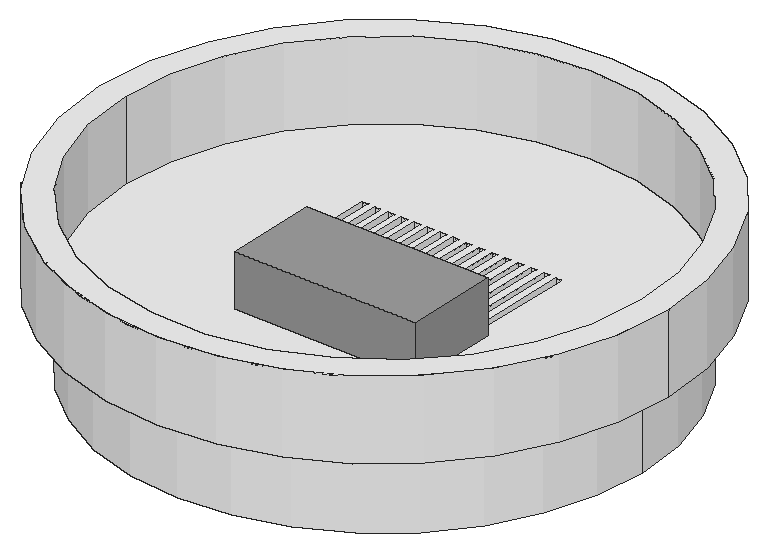
Revit family "Smoke-Detector", category Electrical Fixtures, host Ceiling, Revit 2026
Family settings
  Host = Ceiling
  Round Connector Dimension = Use Diameter
  Part Type = Normal
  Classification Number = 23.85.30.21.11.11.11
  Always vertical = Yes
  Cut with Voids When Loaded = No
  Maintain Annotation Orientation = No
  Shared = No
  Room Calculation Point = No
Parameters
  Warranty Duration (Years) = 10
  Voltage = 120
  URL = "http://www.arcat.com/"
  UL 218 Compliant = yes
  Type Comments = ""
  Keynote = "13850"
  Description = "Hard Wired Smoke Alarm "
  Depth = 0' - 1 1/2"
  Test Data = ""
  Specification = "http://www.arcat.com/divs/sec/sec13850.shtml"
  Sales Information = ""
  Product Properties = "http://www.arcat.com/bim/bim_info.pl?fn=Smoke-Detector"
  Product Data = "http://www.arcat.com/divs/sec/sec13850.shtml"
  Model = "Generic"  # constant formula
  Manufacturer Website = "http://www.arcat.com/"
  Manufacturer Phone - Toll Free = ""
  Manufacturer Phone = "(203) 929-9444"  # constant formula
  Manufacturer Fax = "(203) 929-2444"  # constant formula
  Manufacturer Email = "bim@arcat.com"  # constant formula
  Manufacturer Address = "1077 Bridgeport Ave, Shelton, CT  06484"  # constant formula
  Manufacturer = "Generic"  # constant formula
  Maintenance Schedule (Months) = 6
  Diameter = 0' - 5"
  Installation-Fabrication = ""
  Installation Phase = ""
  Green Building-LEED = "http://www.arcat.com/green/green_building.shtml"
  Expected Lifespan (Years) = 10
  Drawn By = "Robert S. Weygant. CSI, CDT, SCIP"  # constant formula
  Default Elevation = 0' - 0"
  Cost = 0
  Copyright = "2008, ARCAT, Inc."  # constant formula
  Construction Details = "http://www.arcat.com/divs/sec/sec13850.shtml"
  Case Material = ARCAT - Plastic, ABS - White
  Building Codes = ""
  Battery Type = "9V"
  Assembly Code = "D4030"
  Alarm Volume (dB) = 80
Reference planes (in)
  plane 1 "Center (Front/Back)": y = 0
  plane 2 "Ceiling": z = 96
  plane 3 "Center (Left/Right)": x = 0
  plane 4: z = 94.5
  plane 5: x = 2.5
  plane 6: x = -2.5
  plane 7 "Connection Level": z = 95.23884
Forms (in)
  Extrusion 1, solid, material "ARCAT - Plastic, ABS - White" <- "Case Material"
    sketch origin (0, 0, 96) x (1, 0, 0) y (0, 1, 0)
      loop
        circle (0, 0) r 2.5
      loop
        line (0, 0.90532) -> (-0.0625, 0.90532) -> (-0.0625, 0) -> (0, 0) -> (0, 0.90532)
      loop
        line (-0.125, 0.90532) -> (-0.1875, 0.90532) -> (-0.1875, 0) -> (-0.125, 0) -> (-0.125, 0.90532)
      loop
        line (-0.25, 0.90532) -> (-0.3125, 0.90532) -> (-0.3125, 0) -> (-0.25, 0) -> (-0.25, 0.90532)
      loop
        line (-0.375, 0.90532) -> (-0.4375, 0.90532) -> (-0.4375, 0) -> (-0.375, 0) -> (-0.375, 0.90532)
      loop
        line (-0.5, 0.90532) -> (-0.5625, 0.90532) -> (-0.5625, 0) -> (-0.5, 0) -> (-0.5, 0.90532)
      loop
        line (-0.625, 0.90532) -> (-0.6875, 0.90532) -> (-0.6875, 0) -> (-0.625, 0) -> (-0.625, 0.90532)
      loop
        line (-0.75, 0.90532) -> (-0.8125, 0.90532) -> (-0.8125, 0) -> (-0.75, 0) -> (-0.75, 0.90532)
      loop
        line (-0.875, 0.90532) -> (-0.9375, 0.90532) -> (-0.9375, 0) -> (-0.875, 0) -> (-0.875, 0.90532)
      loop
        line (0.75, 0.90532) -> (0.6875, 0.90532) -> (0.6875, 0) -> (0.75, 0) -> (0.75, 0.90532)
      loop
        line (0.625, 0.90532) -> (0.5625, 0.90532) -> (0.5625, 0) -> (0.625, 0) -> (0.625, 0.90532)
      loop
        line (0.5, 0.90532) -> (0.4375, 0.90532) -> (0.4375, 0) -> (0.5, 0) -> (0.5, 0.90532)
      loop
        line (0.375, 0.90532) -> (0.3125, 0.90532) -> (0.3125, 0) -> (0.375, 0) -> (0.375, 0.90532)
      loop
        line (0.25, 0.90532) -> (0.1875, 0.90532) -> (0.1875, 0) -> (0.25, 0) -> (0.25, 0.90532)
      loop
        line (0.125, 0.90532) -> (0.0625, 0.90532) -> (0.0625, 0) -> (0.125, 0) -> (0.125, 0.90532)
      loop
        line (1, 0.90532) -> (0.9375, 0.90532) -> (0.9375, 0) -> (1, 0) -> (1, 0.90532)
      loop
        line (0.875, 0.90532) -> (0.8125, 0.90532) -> (0.8125, 0) -> (0.875, 0) -> (0.875, 0.90532)
    from -1.5 to -0.76116
  Extrusion 2, solid, material "ARCAT - Plastic, ABS - Red"
    sketch origin (0.96735, -2.0523, 96) x (1, 0, 0) y (0, 1, 0)
      loop
        circle (0.55599, 1.60966) r 0.25
    from -1.5 to -1.67594
  Extrusion 3, solid, material "ARCAT - Plastic, Polycarbonate, Translucent Green"
    sketch origin (0.36813, -0.92073, 96) x (1, 0, 0) y (0, 1, 0)
      loop
        circle (-0.35601, -0.51509) r 0.10262
    from -1.5 to -1.67594
  Extrusion 4, solid, material "ARCAT - Plastic, Polycarbonate, Translucent Red"
    sketch origin (0.44371, -1.40582, 96) x (1, 0, 0) y (0, 1, 0)
      loop
        circle (-0.44218, -0.57106) r 0.10262
    from -1.5 to -1.67594
  Extrusion 5, solid, material "ARCAT - Plastic, ABS - White" <- "Case Material"
    sketch origin (11.1836, 5.29538, 96) x (1, 0, 0) y (0, 1, 0)
      loop
        circle (-11.1836, -5.29538) r 2.75
    from -0.76116 to 0
  Extrusion 6, void
    sketch origin (11.09799, 5.35245, 96) x (1, 0, 0) y (0, 1, 0)
      loop
        circle (-11.09799, -5.35245) r 2.5
    from -0.76116 to 12
  Extrusion 7, solid, material "Default"
    sketch origin (0, 0, 95.23884) x (0, 1, 0) y (-1, 0, 0)
      loop
        line (-0.11312, 0.65452) -> (-0.98812, 0.65452) -> (-0.98812, -1.09548) -> (-0.11312, -1.09548) -> (-0.11312, 0.65452)
    from 0 to 0.5
Cuts and joins
  Extrusion 6 cuts Extrusion 5
Lines and regions (in)
  model lines, style "Ground"
    curve 1: line (-1.44126, 1.44198, 95.23884) -> (-1.44126, 0.94198, 95.23884)
    curve 2: line (-1.69126, 1.19198, 95.23884) -> (-1.19126, 1.19198, 95.23884)
  model lines, style "Ground", not visible
    curve 3: line (-1.44126, 1.44198, 95.23884) -> (-1.44126, 0.94198, 95.23884)
    curve 4: line (-1.69126, 1.19198, 95.23884) -> (-1.19126, 1.19198, 95.23884)
  model lines, style "Load"
    curve 5: line (-1.44126, 0.51188, 95.23884) -> (-1.44126, 0.01188, 95.23884)
    curve 6: line (-1.69126, 0.26188, 95.23884) -> (-1.19126, 0.26188, 95.23884)
    curve 13: line (-1.44126, 0.26188, 95.23884) -> (-1.06626, -0.38764, 95.23884)
    curve 14: line (-1.06626, -0.38764, 95.23884) -> (-0.65452, -0.38764, 95.23884)
  model lines, style "Neutral"
    curve 7: line (-1.44126, -0.73812, 95.23884) -> (-1.44126, -1.23812, 95.23884)
    curve 8: line (-1.69126, -0.98812, 95.23884) -> (-1.19126, -0.98812, 95.23884)
    curve 15: line (-1.44126, -0.98812, 95.23884) -> (-1.0877, -0.63457, 95.23884)
    curve 16: line (-1.0877, -0.63457, 95.23884) -> (-0.65452, -0.63457, 95.23884)
  model lines, style "Load", not visible
    curve 9: line (-1.44126, 0.51188, 95.23884) -> (-1.44126, 0.01188, 95.23884)
    curve 10: line (-1.69126, 0.26188, 95.23884) -> (-1.19126, 0.26188, 95.23884)
  model lines, style "Neutral", not visible
    curve 11: line (-1.44126, -0.73812, 95.23884) -> (-1.44126, -1.23812, 95.23884)
    curve 12: line (-1.69126, -0.98812, 95.23884) -> (-1.19126, -0.98812, 95.23884)
Dimensions and locks (in)
  equal spacing: host sketch curve, plane 3 "Center (Left/Right)", host sketch curve
  equal spacing: host sketch curve, plane 1 "Center (Front/Back)", host sketch curve
  host sketch curve to host sketch curve = 10' - 0"  (x2)
  "Depth": plane 2 "Ceiling" to plane 4
  "Diameter": plane 6 to plane 5
  aligned and locked: Extrusion 1 to plane 4
  aligned and locked: plane 5 to Extrusion 1
  aligned and locked: plane 6 to Extrusion 1
  aligned and locked: Extrusion 2 to Extrusion 3
  aligned and locked: Extrusion 2 to Extrusion 4
  aligned and locked: Extrusion 5 to Extrusion 6
  aligned and locked: Extrusion 1 to cut or joined group of Extrusion 5, Extrusion 6
  aligned and locked: Extrusion 3 to Extrusion 4
  aligned and locked: Extrusion 3 to Extrusion 2
  aligned and locked: plane 7 "Connection Level" to cut or joined group of Extrusion 5, Extrusion 6
Automatic sketch dimensions
  plane 1 "Center (Front/Back)" to Extrusion 2 sketch curve = 0' - 0.44264"
  plane 5 to Extrusion 2 sketch curve = 0' - 0.97667"
  plane 3 "Center (Left/Right)" to Extrusion 3 sketch curve = 0' - 0.01213"
  plane 1 "Center (Front/Back)" to Extrusion 3 sketch curve = 0' - 1.43582"
  plane 3 "Center (Left/Right)" to Extrusion 4 sketch curve = 0' - 0.00153"
  plane 1 "Center (Front/Back)" to Extrusion 4 sketch curve = 0' - 1.97688"
  Extrusion 5 sketch curve to plane 6 = 0' - 2 1/2"
  plane 1 "Center (Front/Back)" to Extrusion 5 sketch curve = 0' - 0"
  Extrusion 6 sketch curve to plane 6 = 0' - 2 1/2"
  plane 1 "Center (Front/Back)" to Extrusion 6 sketch curve = 0' - 0"
  Extrusion 1 sketch curve to plane 1 "Center (Front/Back)" = 0' - 0"  (x17)
  Extrusion 1 sketch curve to plane 3 "Center (Left/Right)" = 0' - 0"  (x2)
  Extrusion 1 sketch curve to Extrusion 1 sketch curve = 0' - 0 1/16"  (x30)
  plane 3 "Center (Left/Right)" to Extrusion 1 sketch curve = 0' - 0 1/16"
  Extrusion 1 sketch curve to plane 1 "Center (Front/Back)" = 0' - 0.90532"
  Extrusion 1 sketch curve to Extrusion 1 sketch curve = 0' - 0"  (x14)
  Extrusion 1 sketch curve to Extrusion 1 sketch curve = 0' - 0.90532"
  plane 1 "Center (Front/Back)" to Extrusion 7 sketch curve = 0' - 0.98812"
  plane 1 "Center (Front/Back)" to Extrusion 7 sketch curve = 0' - 0.11312"
  plane 3 "Center (Left/Right)" to Extrusion 7 sketch curve = 0' - 1.09548"
  Extrusion 7 sketch curve to plane 3 "Center (Left/Right)" = 0' - 0.65452"
  plane 1 "Center (Front/Back)" to curve 15 = 0' - 0.98812"
  curve 15 to curve 15 = 0' - 0.35355"  (x2)
  curve 15 to curve 14 = 0' - 0.24693"
  curve 13 to plane 1 "Center (Front/Back)" = 0' - 0.26188"
  curve 14 to curve 14 = 0' - 0.41174"
  curve 13 to curve 16 = 0' - 0.02145"
  curve 13 to curve 13 = 0' - 0 3/8"
  curve 14 to plane 3 "Center (Left/Right)" = 0' - 0.65452"
  curve 16 to curve 14 = 0' - 0"
  radius of Extrusion 2 sketch curve = 0' - 0 1/4"
  radius of Extrusion 3 sketch curve = 0' - 0.10262"
  radius of Extrusion 4 sketch curve = 0' - 0.10262"
  radius of Extrusion 5 sketch curve = 0' - 2 3/4"
  radius of Extrusion 6 sketch curve = 0' - 2 1/2"
  radius of Extrusion 1 sketch curve = 0' - 2 1/2"
